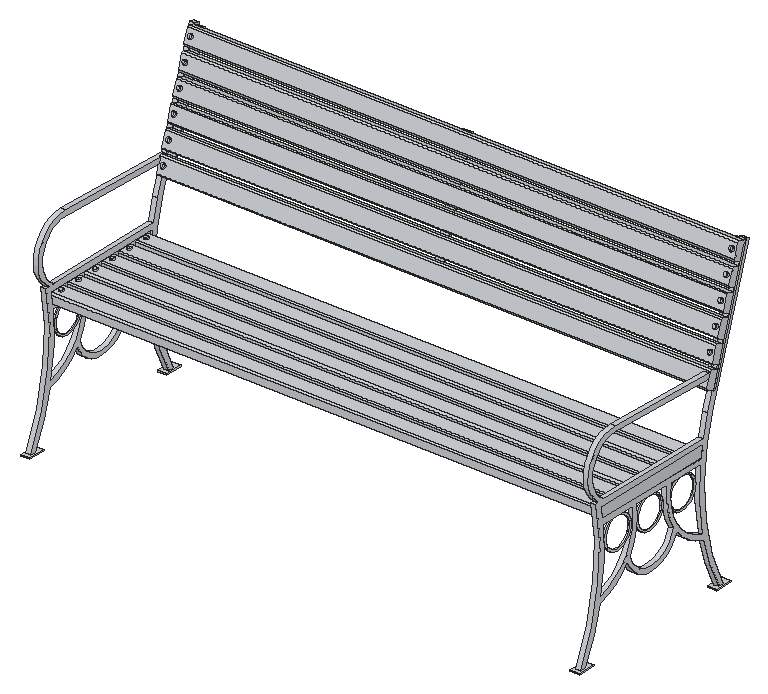
Revit family "Олимп_Скамейка", category Мебель, Revit 2017
Family settings
  Номер OmniClass = 23.40.20.00
  Заголовок OmniClass = General Furniture and Specialties
  На основе рабочей плоскости = Нет
  Всегда вертикально = Да
  При загрузке вырезать с полостями = Нет
  Общий = Нет
  Точка расчета площади = Нет
Parameters (values of type "Скамейка «Олимп» 1,8м")
  Стоимость = 9776
  С_Количество_опор_Видимость = no
  Перемычка = yes
  Изготовитель = "ООО \"Хоббика\""
  Длина доски на спинке = Длина доски  # 1786 mm
  Длина доски = ADSK_Размер_Длина - 14 mm  # 1786 mm
  URL = "https://hobbyka.ru/product/skameika_olimp/?sphrase_id=61907"
  ADSK_Размер_Ширина сидения = 420 mm
  ADSK_Размер_Ширина = 670 mm
  ADSK_Размер_Длина = 1800 mm
  ADSK_Размер_Высота сидения = 440 mm
  ADSK_Размер_Высота = 970 mm
  ADSK_Наименование = "Скамейка «Олимп» 1,8м"
  ADSK_Материал фурнитуры = none
  ADSK_Материал рекламного щита = none
  ADSK_Материал опоры = none
  ADSK_Материал доски = none
  ADSK_Код изделия = "7061"
Types (7, lengths in mm): name | Стоимость | С_Количество_опор_Видимость | Перемычка | Длина доски на спинке | Длина доски | ADSK_Размер_Длина | ADSK_Наименование
  (no name) | 9776 | no | yes | 1786 | 1786 | 1800 | "Скамейка «Олимп» 1,8м"
  Скамейка «Олимп» 1,2м | 7527 | no | yes | 1186 | 1186 | 1200 | "Скамейка «Олимп» 1,2м"
  Скамейка «Олимп» 1,5м | 8652 | no | yes | 1486 | 1486 | 1500 | "Скамейка «Олимп» 1,5м"
  Скамейка «Олимп» 1,8м | 9776 | no | yes | 1786 | 1786 | 1800 | "Скамейка «Олимп» 1,8м"
  Скамейка «Олимп» 2,0м | 14270 | yes | no | 1986 | 1986 | 2000 | "Скамейка «Олимп» 2,0м"
  Скамейка «Олимп» 3,0м | 15320 | yes | no | 2986 | 2986 | 3000 | "Скамейка «Олимп» 3,0м"
  Скамейка «Олимп» Кресло | 6405 | no | yes | 586 | 586 | 600 | "Скамейка «Олимп» Кресло"
Reference planes
  plane 1 "По центру (Вперед/Назад)": y = 0
  plane 2: z = 0
  plane 3 "По центру (Влево/Вправо)": x = 0
  plane 4: x = -900
  plane 5: x = 900
  plane 6: x = -884
  plane 7: x = 902
  plane 8: x = -893.016
  plane 9: x = 892.984
Forms (mm)
  Extrusion 1, solid, material <- "ADSK_Материал опоры"
    sketch origin (0, 0, 0) x (0, 1, 0) y (0, 0, -1)
      loop
        line (69.074, -963.838) -> (-59.108, -581.544) -> (-64.108, -581.544) -> (64.579, -965.345) -> (69.074, -963.838)
    from -902 to -872
  Extrusion 2, solid, material <- "ADSK_Материал опоры"
    sketch origin (0, 0, 0) x (0, 1, 0) y (0, 0, 1)
      loop
        line (68.169, 964.141) -> (63.675, 965.648) -> (-65.113, 581.544) -> (-60.113, 581.544) -> (68.169, 964.141)
    from -884 to -854
  Extrusion 3, solid, material <- "ADSK_Материал опоры", visible <- "Перемычка"
    sketch origin (719, 0, 0) x (0, 1, 0) y (0, 0, 1)
      loop
        line (68.169, 964.141) -> (63.675, 965.648) -> (-65.113, 581.544) -> (-60.113, 581.544) -> (68.169, 964.141)
    from -734 to -704
Dimensions and locks
  equal spacing: plane 4, plane 3 "По центру (Влево/Вправо)", plane 5
  "ADSK_Размер_Длина": plane 4 to plane 5
  locked: Extrusion 1 to Extrusion 1 at 30
  plane 5 to plane 7 = 2 mm
  locked: plane 4 to plane 6 at 16
  locked: Extrusion 2 to Extrusion 2 at 30
  "Длина доски": plane 8 to plane 9
  locked: plane 4 to plane 8 at 6.984
  plane 9 to plane 5 = 7.016 mm
  equal spacing: group 1, group 3, group 4, group 5, group 6, group 2  (x3)
  "Длина доски на спинке": plane 6 to plane 7
  locked: Extrusion 3 to Extrusion 3 at 30
  aligned and locked: level to plane 2
  aligned and locked: nested 1 to plane 4
  aligned and locked: nested 2 to plane 5
  aligned and locked: plane 7 to Extrusion 1
  aligned and locked: Extrusion 2 to plane 6
  aligned and locked: plane 8 to nested 4
  aligned and locked: plane 6 to nested 10
  aligned and locked: plane 6 to nested 11
  aligned and locked: plane 8 to nested 9
Automatic sketch dimensions
  plane 1 "По центру (Вперед/Назад)" to Extrusion 1 sketch curve = 64.108 mm
  Extrusion 1 sketch curve to Extrusion 1 sketch curve = 5 mm
  Extrusion 1 sketch curve to plane 1 "По центру (Вперед/Назад)" = 64.579 mm
  Extrusion 1 sketch curve to Extrusion 1 sketch curve = 4.495 mm
  level to Extrusion 1 sketch curve = 965.345 mm
  Extrusion 1 sketch curve to Extrusion 1 sketch curve = 1.507 mm
  Extrusion 1 sketch curve to Extrusion 1 sketch curve = 383.801 mm
  plane 1 "По центру (Вперед/Назад)" to Extrusion 2 sketch curve = 65.113 mm
  Extrusion 2 sketch curve to Extrusion 2 sketch curve = 5 mm
  Extrusion 2 sketch curve to plane 1 "По центру (Вперед/Назад)" = 63.675 mm
  Extrusion 2 sketch curve to Extrusion 2 sketch curve = 4.495 mm
  level to Extrusion 2 sketch curve = 581.544 mm
  Extrusion 2 sketch curve to Extrusion 2 sketch curve = 382.597 mm
  Extrusion 2 sketch curve to Extrusion 2 sketch curve = 1.507 mm
  plane 1 "По центру (Вперед/Назад)" to Extrusion 3 sketch curve = 65.113 mm
  Extrusion 3 sketch curve to Extrusion 3 sketch curve = 5 mm
  Extrusion 3 sketch curve to plane 1 "По центру (Вперед/Назад)" = 63.675 mm
  Extrusion 3 sketch curve to Extrusion 3 sketch curve = 4.495 mm
  level to Extrusion 3 sketch curve = 581.544 mm
  Extrusion 3 sketch curve to Extrusion 3 sketch curve = 382.597 mm
  Extrusion 3 sketch curve to Extrusion 3 sketch curve = 1.507 mm
Nested families
  nested 1: "Опора" at (-907, 0, 0), Материал опоры <- "ADSK_Материал опоры", type "Опора"
    with Материал опоры none
  nested 2: "Опора" at (907, 0, 0) x (-1, 0, 0) z (0, 0, 1), Материал опоры <- "ADSK_Материал опоры", type "Опора"
    with Материал опоры none
  nested 3: "Центральная опора" at (-15, 0, 0), visible <- "С_Количество_опор_Видимость", Материал опоры <- "ADSK_Материал опоры", type "Центральная опора"
    with Материал опоры none
  nested 4: "Doska" at (-893.016, -457.337, 405.341), Длина доски <- "Длина доски", Материал доски <- "ADSK_Материал доски", Материал фурнитуры <- "ADSK_Материал фурнитуры", type "Doska"
    with Материал фурнитуры none, Материал доски none, Длина доски 1786 mm
  nested 5: "Doska" at (-893.016, -388.337, 405.341), Длина доски <- "Длина доски", Материал доски <- "ADSK_Материал доски", Материал фурнитуры <- "ADSK_Материал фурнитуры", type "Doska"
    with Материал фурнитуры none, Материал доски none, Длина доски 1786 mm
  nested 6: "Doska" at (-893.016, -319.337, 405.341), Длина доски <- "Длина доски", Материал доски <- "ADSK_Материал доски", Материал фурнитуры <- "ADSK_Материал фурнитуры", type "Doska"
    with Материал фурнитуры none, Материал доски none, Длина доски 1786 mm
  nested 7: "Doska" at (-893.016, -250.337, 405.341), Длина доски <- "Длина доски", Материал доски <- "ADSK_Материал доски", Материал фурнитуры <- "ADSK_Материал фурнитуры", type "Doska"
    with Материал фурнитуры none, Материал доски none, Длина доски 1786 mm
  nested 8: "Doska" at (-893.016, -181.337, 405.341), Длина доски <- "Длина доски", Материал доски <- "ADSK_Материал доски", Материал фурнитуры <- "ADSK_Материал фурнитуры", type "Doska"
    with Материал фурнитуры none, Материал доски none, Длина доски 1786 mm
  nested 9: "Doska" at (-893.016, -112.337, 405.341), Длина доски <- "Длина доски", Материал доски <- "ADSK_Материал доски", Материал фурнитуры <- "ADSK_Материал фурнитуры", type "Doska"
    with Материал фурнитуры none, Материал доски none, Длина доски 1786 mm
  nested 10: "Doska" at (-884, -46.564, 636.868) x (1, 0, 0) z (0, -0.9481, 0.3179), Длина доски <- "Длина доски на спинке", type "Doska"
    with Материал фурнитуры none, Материал доски none, Длина доски 1786 mm
  nested 11: "Doska" at (-884, 63.307, 964.552) x (1, 0, 0) z (0, -0.9481, 0.3179), Длина доски <- "Длина доски на спинке", type "Doska"
    with Материал фурнитуры none, Материал доски none, Длина доски 1786 mm
  nested 12: "Doska" at (-884, -24.589, 702.405) x (1, 0, 0) z (0, -0.9481, 0.3179), Длина доски <- "Длина доски на спинке", type "Doska"
    with Материал фурнитуры none, Материал доски none, Длина доски 1786 mm
  nested 13: "Doska" at (-884, -2.615, 767.942) x (1, 0, 0) z (0, -0.9481, 0.3179), Длина доски <- "Длина доски на спинке", type "Doska"
    with Материал фурнитуры none, Материал доски none, Длина доски 1786 mm
  nested 14: "Doska" at (-884, 19.359, 833.479) x (1, 0, 0) z (0, -0.9481, 0.3179), Длина доски <- "Длина доски на спинке", type "Doska"
    with Материал фурнитуры none, Материал доски none, Длина доски 1786 mm
  nested 15: "Doska" at (-884, 41.333, 899.015) x (1, 0, 0) z (0, -0.9481, 0.3179), Длина доски <- "Длина доски на спинке", type "Doska"
    with Материал фурнитуры none, Материал доски none, Длина доски 1786 mm
Definition of nested family "Опора"
  Parameters (values of type "Опора")
    Материал опоры [instance] = none
  Reference planes
    plane 1 "По центру (Вперед/Назад)": y = 0
    plane 2: z = 0
    plane 3 "По центру (Влево/Вправо)": x = 0
    plane 4: x = 30
    plane 5 "Слева": x = 15
    plane 6: x = 23
    plane 7: x = 7
    plane 8: x = 17.229
    plane 9: x = 13
  Forms (mm)
    Extrusion 1, solid, material <- "Материал опоры"
      sketch origin (0, 0, 0) x (0, 1, 0) y (0, 0, 1)
        loop
          line (0, 3) -> (-57.2, 3) -> (-57.2, 0) -> (0, 0) -> (0, 3)
        loop
          line (-556.161, 3) -> (-613.361, 3) -> (-613.361, 0) -> (-556.161, 0) -> (-556.161, 3)
      from 0 to 30
    Extrusion 2, solid, material <- "Материал опоры"
      sketch origin (15, 0, 0) x (0, -1, 0) y (0, 0, 1)
        loop
          line (-79.749, 963.258) -> (65.214, 530.914)
          arc (65.214, 530.914) -> (78.58, 485.879) -> (88.762, 440.02) r 671.056
          arc (88.762, 440.02) -> (92.687, 216.037) -> (23.414, 3) r 678.039
          line (23.414, 3) -> (41.312, 3)
          arc (41.312, 3) -> (75.349, 82.122) -> (99.38, 164.835) r 697.919
          arc (99.38, 164.835) -> (161.63, 190.415) -> (211.437, 235.679) r 194.505
          arc (211.437, 235.679) -> (311.877, 166.624) -> (412.317, 235.679) r 107.573
          arc (412.317, 235.679) -> (461.942, 190.53) -> (523.953, 164.928) r 194.505
          arc (523.953, 164.928) -> (547.981, 82.151) -> (582.105, 3) r 692.534
          line (582.105, 3) -> (600.004, 3)
          arc (600.004, 3) -> (529.195, 225.772) -> (538.505, 459.341) r 675.902
          line (538.505, 459.341) -> (528.486, 459.341)
          arc (528.486, 459.341) -> (562.587, 581.668) -> (457.013, 652.243) r 108.266
          line (457.013, 652.243) -> (46.564, 636.868) -> (-64.579, 968.345) -> (-79.749, 963.258)
        loop
          arc (83.986, 525.256) -> (93.601, 492.564) -> (101.181, 459.341) r 552.248
          line (101.181, 459.341) -> (504.343, 459.341)
          arc (504.343, 459.341) -> (551.403, 566.616) -> (457.194, 636.238) r 93.862
          line (457.194, 636.238) -> (51.865, 621.056) -> (83.986, 525.256)
        loop
          line (110.77, 405.341) -> (512.984, 405.341)
          arc (512.984, 405.341) -> (515.725, 424.383) -> (518.993, 443.341) r 692.534
          line (518.993, 443.341) -> (104.071, 443.341)
          arc (104.071, 443.341) -> (107.793, 424.406) -> (110.77, 405.341) r 492.949
        loop
          line (511.097, 389.341) -> (389.909, 389.341)
          arc (389.909, 389.341) -> (414.012, 259.412) -> (520.517, 181.189) r 179.505
          arc (520.517, 181.189) -> (507.934, 284.909) -> (511.097, 389.341) r 692.534
        loop
          line (233.845, 389.341) -> (112.683, 389.341)
          arc (112.683, 389.341) -> (115.576, 284.841) -> (102.828, 181.082) r 697.919
          arc (102.828, 181.082) -> (209.63, 259.234) -> (233.845, 389.341) r 179.505
        loop
          arc (249.108, 389.341) -> (248.622, 317.701) -> (222.232, 251.097) r 194.505
          arc (222.232, 251.097) -> (311.877, 181.624) -> (401.522, 251.097) r 92.573
          arc (401.522, 251.097) -> (375.132, 317.701) -> (374.646, 389.341) r 194.505
          line (374.646, 389.341) -> (249.108, 389.341)
      from -8 to 8
    Extrusion 3, solid, material <- "Материал опоры"
      sketch origin (15, 0, 0) x (0, -1, 0) y (0, 0, 1)
        loop
          circle (313.32, 335.423) r 53.918
        loop
          circle (442.826, 335.423) r 53.918
        loop
          circle (180.928, 335.423) r 53.918
        loop
          circle (442.826, 335.423) r 48.918
        loop
          circle (313.32, 335.423) r 48.918
        loop
          circle (180.928, 335.423) r 48.918
      from -2.229 to 2
    Extrusion 4, solid, material <- "Материал опоры"
      sketch origin (15, 0, 0) x (0, -1, 0) y (0, 0, 1)
        loop
          arc (512.984, 405.341) -> (515.725, 424.383) -> (518.993, 443.341) r 692.534
          line (518.993, 443.341) -> (104.071, 443.341)
          arc (104.071, 443.341) -> (107.793, 424.406) -> (110.77, 405.341) r 492.949
          line (110.77, 405.341) -> (512.984, 405.341)
      from 1.016 to 5.745
  Dimensions and locks
    locked: plane 3 "По центру (Влево/Вправо)" to plane 4 at 30
    equal spacing: plane 7, plane 5 "Слева", plane 6
    Extrusion 4 to Extrusion 4 to plane 5 "Слева" = 4.728 mm, 1.016 mm locked
    aligned and locked: level to plane 2
    aligned and locked: Extrusion 1 to plane 3 "По центру (Влево/Вправо)"
    aligned and locked: plane 4 to Extrusion 1
    aligned and locked: Extrusion 2 to plane 6
    aligned and locked: plane 7 to Extrusion 2
    aligned and locked: plane 8 to Extrusion 3
    aligned and locked: Extrusion 3 to plane 9
  Automatic sketch dimensions
    Extrusion 1 sketch curve to level = 0 mm  (x2)
    Extrusion 1 sketch curve to plane 1 "По центру (Вперед/Назад)" = 0 mm
    plane 1 "По центру (Вперед/Назад)" to Extrusion 1 sketch curve = 57.2 mm
    level to Extrusion 1 sketch curve = 3 mm  (x2)
    Extrusion 1 sketch curve to Extrusion 1 sketch curve = 498.961 mm
    Extrusion 1 sketch curve to Extrusion 1 sketch curve = 57.2 mm
    Extrusion 2 sketch curve to Extrusion 2 sketch curve = 0 mm  (x23)
    level to Extrusion 2 sketch curve = 317.829 mm
    Extrusion 2 sketch curve to plane 1 "По центру (Вперед/Назад)" = 581.563 mm
    Extrusion 2 sketch curve to Extrusion 2 sketch curve = 3.667 mm
    Extrusion 2 sketch curve to Extrusion 2 sketch curve = 6.866 mm
    Extrusion 2 sketch curve to Extrusion 2 sketch curve = 130.264 mm
    Extrusion 2 sketch curve to Extrusion 2 sketch curve = 63.095 mm
    Extrusion 2 sketch curve to plane 1 "По центру (Вперед/Назад)" = 79.749 mm
    Extrusion 2 sketch curve to Extrusion 2 sketch curve = 15.17 mm
    level to Extrusion 2 sketch curve = 3 mm  (x2)
    plane 1 "По центру (Вперед/Назад)" to Extrusion 2 sketch curve = 23.414 mm
    Extrusion 2 sketch curve to Extrusion 2 sketch curve = 17.899 mm  (x2)
    plane 1 "По центру (Вперед/Назад)" to Extrusion 2 sketch curve = 46.564 mm
    Extrusion 2 sketch curve to Extrusion 2 sketch curve = 5.302 mm
    plane 1 "По центру (Вперед/Назад)" to Extrusion 2 sketch curve = 57.692 mm
    plane 1 "По центру (Вперед/Назад)" to Extrusion 2 sketch curve = 65.214 mm
    Extrusion 2 sketch curve to Extrusion 2 sketch curve = 18.772 mm
    Extrusion 2 sketch curve to Extrusion 2 sketch curve = 17.194 mm
    Extrusion 2 sketch curve to Extrusion 2 sketch curve = 2.891 mm
    Extrusion 2 sketch curve to Extrusion 2 sketch curve = 6.698 mm
    Extrusion 2 sketch curve to Extrusion 2 sketch curve = 1.913 mm
    Extrusion 2 sketch curve to Extrusion 2 sketch curve = 121.163 mm
    Extrusion 2 sketch curve to Extrusion 2 sketch curve = 15.263 mm  (x2)
    Extrusion 2 sketch curve to Extrusion 2 sketch curve = 62.769 mm
    Extrusion 2 sketch curve to Extrusion 2 sketch curve = 125.538 mm
    Extrusion 2 sketch curve to Extrusion 2 sketch curve = 67.104 mm
    Extrusion 2 sketch curve to Extrusion 2 sketch curve = 0.181 mm
    Extrusion 2 sketch curve to Extrusion 2 sketch curve = 3.513 mm
    Extrusion 2 sketch curve to Extrusion 2 sketch curve = 0.358 mm
    Extrusion 2 sketch curve to Extrusion 2 sketch curve = 43.636 mm
    Extrusion 2 sketch curve to Extrusion 2 sketch curve = 6.754 mm
    Extrusion 2 sketch curve to Extrusion 2 sketch curve = 1.887 mm
    Extrusion 2 sketch curve to Extrusion 2 sketch curve = 14.65 mm
    Extrusion 2 sketch curve to Extrusion 2 sketch curve = 9.493 mm
    Extrusion 2 sketch curve to Extrusion 2 sketch curve = 10.019 mm
    Extrusion 2 sketch curve to Extrusion 2 sketch curve = 54.966 mm
    Extrusion 2 sketch curve to Extrusion 2 sketch curve = 16.042 mm
    Extrusion 2 sketch curve to Extrusion 2 sketch curve = 632.98 mm
    Extrusion 2 sketch curve to Extrusion 2 sketch curve = 0.717 mm
    level to Extrusion 2 sketch curve = 274.197 mm
    level to Extrusion 2 sketch curve = 316.044 mm
    Extrusion 2 sketch curve to Extrusion 2 sketch curve = 0.175 mm
    Extrusion 2 sketch curve to Extrusion 2 sketch curve = 1.519 mm
    Extrusion 2 sketch curve to Extrusion 2 sketch curve = 1.274 mm
    Extrusion 2 sketch curve to Extrusion 2 sketch curve = 21.247 mm
    Extrusion 2 sketch curve to Extrusion 2 sketch curve = 14.34 mm
    Extrusion 2 sketch curve to Extrusion 2 sketch curve = 50.521 mm  (x2)
    Extrusion 2 sketch curve to Extrusion 2 sketch curve = 16 mm  (x3)
    Extrusion 2 sketch curve to Extrusion 2 sketch curve = 5.658 mm
    Extrusion 2 sketch curve to Extrusion 2 sketch curve = 83.102 mm
    Extrusion 2 sketch curve to Extrusion 2 sketch curve = 1.61 mm
    Extrusion 2 sketch curve to Extrusion 2 sketch curve = 90.142 mm
    Extrusion 2 sketch curve to Extrusion 2 sketch curve = 15.813 mm
    Extrusion 2 sketch curve to Extrusion 2 sketch curve = 326.39 mm
    Extrusion 2 sketch curve to Extrusion 2 sketch curve = 5.086 mm
    Extrusion 2 sketch curve to Extrusion 2 sketch curve = 3.448 mm
    Extrusion 2 sketch curve to Extrusion 2 sketch curve = 100.44 mm
    Extrusion 2 sketch curve to Extrusion 2 sketch curve = 10.796 mm  (x2)
    Extrusion 3 sketch curve to Extrusion 3 sketch curve = 0 mm  (x8)
    plane 1 "По центру (Вперед/Назад)" to Extrusion 3 sketch curve = 180.928 mm
    Extrusion 3 sketch curve to Extrusion 3 sketch curve = 132.392 mm
    Extrusion 3 sketch curve to Extrusion 3 sketch curve = 129.506 mm
    level to Extrusion 3 sketch curve = 335.423 mm
    plane 1 "По центру (Вперед/Назад)" to Extrusion 4 sketch curve = 512.984 mm
    Extrusion 4 sketch curve to Extrusion 4 sketch curve = 6.009 mm
    level to Extrusion 4 sketch curve = 316.219 mm
    Extrusion 4 sketch curve to Extrusion 4 sketch curve = 686.776 mm
    level to Extrusion 4 sketch curve = 405.341 mm
    plane 1 "По центру (Вперед/Назад)" to Extrusion 4 sketch curve = 110.77 mm
    Extrusion 4 sketch curve to Extrusion 4 sketch curve = 6.698 mm
    level to Extrusion 4 sketch curve = 338.831 mm
    radius of Extrusion 3 sketch curve = 53.918 mm  (x3)
    radius of Extrusion 3 sketch curve = 48.918 mm  (x3)
Definition of nested family "Центральная опора"
  Parameters (values of type "Центральная опора")
    Материал опоры [instance] = none
  Reference planes
    plane 1 "По центру (Вперед/Назад)": y = 0
    plane 2: z = 0
    plane 3 "По центру (Влево/Вправо)": x = 0
    plane 4: x = 30
    plane 5 "Слева": x = 15
    plane 6: x = 23
    plane 7: x = 7
    plane 8: x = 17.229
    plane 9: x = 13
  Forms (mm)
    Extrusion 1, solid, material <- "Материал опоры"
      sketch origin (0, 0, 0) x (0, 1, 0) y (0, 0, 1)
        loop
          line (0, 3) -> (-57.2, 3) -> (-57.2, 0) -> (0, 0) -> (0, 3)
        loop
          line (-556.161, 3) -> (-613.361, 3) -> (-613.361, 0) -> (-556.161, 0) -> (-556.161, 3)
      from 0 to 30
    Extrusion 2, solid, material <- "Материал опоры"
      sketch origin (15, 0, 0) x (0, -1, 0) y (0, 0, 1)
        loop
          line (-79.749, 963.258) -> (65.214, 530.914)
          arc (65.214, 530.914) -> (78.58, 485.879) -> (88.762, 440.02) r 671.056
          arc (88.762, 440.02) -> (92.687, 216.037) -> (23.414, 3) r 678.039
          line (23.414, 3) -> (41.312, 3)
          arc (41.312, 3) -> (75.349, 82.122) -> (99.38, 164.835) r 697.919
          arc (99.38, 164.835) -> (161.63, 190.415) -> (211.437, 235.679) r 194.505
          arc (211.437, 235.679) -> (311.877, 166.624) -> (412.317, 235.679) r 107.573
          arc (412.317, 235.679) -> (461.942, 190.53) -> (523.953, 164.928) r 194.505
          arc (523.953, 164.928) -> (547.981, 82.151) -> (582.105, 3) r 692.534
          line (582.105, 3) -> (600.004, 3)
          arc (600.004, 3) -> (533.407, 198.682) -> (529.065, 405.341) r 675.902
          line (529.065, 405.341) -> (110.77, 405.341)
          arc (110.77, 405.341) -> (107.793, 424.406) -> (104.071, 443.341) r 492.949
          arc (104.071, 443.341) -> (95.595, 484.683) -> (83.986, 525.256) r 552.248
          line (83.986, 525.256) -> (58.971, 599.863) -> (-64.579, 968.345) -> (-79.749, 963.258)
        loop
          line (511.097, 389.341) -> (389.909, 389.341)
          arc (389.909, 389.341) -> (414.012, 259.412) -> (520.517, 181.189) r 179.505
          arc (520.517, 181.189) -> (507.934, 284.909) -> (511.097, 389.341) r 692.534
        loop
          line (233.845, 389.341) -> (112.683, 389.341)
          arc (112.683, 389.341) -> (115.576, 284.841) -> (102.828, 181.082) r 697.919
          arc (102.828, 181.082) -> (209.63, 259.234) -> (233.845, 389.341) r 179.505
        loop
          arc (249.108, 389.341) -> (248.622, 317.701) -> (222.232, 251.097) r 194.505
          arc (222.232, 251.097) -> (311.877, 181.624) -> (401.522, 251.097) r 92.573
          arc (401.522, 251.097) -> (375.132, 317.701) -> (374.646, 389.341) r 194.505
          line (374.646, 389.341) -> (249.108, 389.341)
      from -8 to 8
    Extrusion 3, solid, material <- "Материал опоры"
      sketch origin (15, 0, 0) x (0, -1, 0) y (0, 0, 1)
        loop
          circle (313.32, 335.423) r 53.918
        loop
          circle (442.826, 335.423) r 53.918
        loop
          circle (180.928, 335.423) r 53.918
        loop
          circle (442.826, 335.423) r 48.918
        loop
          circle (313.32, 335.423) r 48.918
        loop
          circle (180.928, 335.423) r 48.918
      from -2.229 to 2
  Dimensions and locks
    locked: plane 3 "По центру (Влево/Вправо)" to plane 4 at 30
    equal spacing: plane 7, plane 5 "Слева", plane 6
    aligned and locked: level to plane 2
    aligned and locked: Extrusion 1 to plane 3 "По центру (Влево/Вправо)"
    aligned and locked: plane 4 to Extrusion 1
    aligned and locked: Extrusion 2 to plane 6
    aligned and locked: plane 7 to Extrusion 2
    aligned and locked: plane 8 to Extrusion 3
    aligned and locked: Extrusion 3 to plane 9
  Automatic sketch dimensions
    Extrusion 1 sketch curve to level = 0 mm  (x2)
    Extrusion 1 sketch curve to plane 1 "По центру (Вперед/Назад)" = 0 mm
    plane 1 "По центру (Вперед/Назад)" to Extrusion 1 sketch curve = 57.2 mm
    level to Extrusion 1 sketch curve = 3 mm  (x2)
    Extrusion 1 sketch curve to Extrusion 1 sketch curve = 498.961 mm
    Extrusion 1 sketch curve to Extrusion 1 sketch curve = 57.2 mm
    Extrusion 2 sketch curve to Extrusion 2 sketch curve = 0 mm  (x18)
    level to Extrusion 2 sketch curve = 317.829 mm
    Extrusion 2 sketch curve to Extrusion 2 sketch curve = 3.667 mm
    Extrusion 2 sketch curve to Extrusion 2 sketch curve = 6.866 mm
    Extrusion 2 sketch curve to Extrusion 2 sketch curve = 130.264 mm
    Extrusion 2 sketch curve to Extrusion 2 sketch curve = 63.095 mm
    Extrusion 2 sketch curve to plane 1 "По центру (Вперед/Назад)" = 79.749 mm
    Extrusion 2 sketch curve to Extrusion 2 sketch curve = 15.17 mm
    level to Extrusion 2 sketch curve = 3 mm  (x2)
    plane 1 "По центру (Вперед/Назад)" to Extrusion 2 sketch curve = 23.414 mm
    Extrusion 2 sketch curve to Extrusion 2 sketch curve = 17.899 mm  (x2)
    plane 1 "По центру (Вперед/Назад)" to Extrusion 2 sketch curve = 57.692 mm
    plane 1 "По центру (Вперед/Назад)" to Extrusion 2 sketch curve = 65.214 mm
    Extrusion 2 sketch curve to Extrusion 2 sketch curve = 18.772 mm
    Extrusion 2 sketch curve to Extrusion 2 sketch curve = 6.698 mm
    Extrusion 2 sketch curve to Extrusion 2 sketch curve = 1.913 mm
    Extrusion 2 sketch curve to Extrusion 2 sketch curve = 121.163 mm
    Extrusion 2 sketch curve to Extrusion 2 sketch curve = 15.263 mm  (x2)
    Extrusion 2 sketch curve to Extrusion 2 sketch curve = 62.769 mm
    Extrusion 2 sketch curve to Extrusion 2 sketch curve = 125.538 mm
    Extrusion 2 sketch curve to Extrusion 2 sketch curve = 17.968 mm
    Extrusion 2 sketch curve to Extrusion 2 sketch curve = 54.966 mm
    Extrusion 2 sketch curve to Extrusion 2 sketch curve = 16.042 mm
    Extrusion 2 sketch curve to Extrusion 2 sketch curve = 0.717 mm
    level to Extrusion 2 sketch curve = 274.197 mm
    level to Extrusion 2 sketch curve = 316.044 mm
    Extrusion 2 sketch curve to Extrusion 2 sketch curve = 0.175 mm
    Extrusion 2 sketch curve to Extrusion 2 sketch curve = 1.519 mm
    Extrusion 2 sketch curve to Extrusion 2 sketch curve = 1.274 mm
    Extrusion 2 sketch curve to Extrusion 2 sketch curve = 21.247 mm
    Extrusion 2 sketch curve to Extrusion 2 sketch curve = 14.34 mm
    Extrusion 2 sketch curve to Extrusion 2 sketch curve = 50.521 mm  (x2)
    Extrusion 2 sketch curve to Extrusion 2 sketch curve = 16 mm  (x2)
    Extrusion 2 sketch curve to Extrusion 2 sketch curve = 5.658 mm
    Extrusion 2 sketch curve to Extrusion 2 sketch curve = 68.949 mm
    Extrusion 2 sketch curve to Extrusion 2 sketch curve = 5.086 mm
    Extrusion 2 sketch curve to Extrusion 2 sketch curve = 3.448 mm
    Extrusion 2 sketch curve to Extrusion 2 sketch curve = 100.44 mm
    Extrusion 2 sketch curve to Extrusion 2 sketch curve = 10.796 mm  (x2)
    Extrusion 3 sketch curve to Extrusion 3 sketch curve = 0 mm  (x8)
    plane 1 "По центру (Вперед/Назад)" to Extrusion 3 sketch curve = 180.928 mm
    Extrusion 3 sketch curve to Extrusion 3 sketch curve = 132.392 mm
    Extrusion 3 sketch curve to Extrusion 3 sketch curve = 129.506 mm
    level to Extrusion 3 sketch curve = 335.423 mm
    Extrusion 2 sketch curve to Extrusion 2 sketch curve = 121.188 mm
    plane 1 "По центру (Вперед/Назад)" to Extrusion 2 sketch curve = 58.971 mm
    Extrusion 2 sketch curve to Extrusion 2 sketch curve = 363.395 mm
    Extrusion 2 sketch curve to Extrusion 2 sketch curve = 22.008 mm
    Extrusion 2 sketch curve to Extrusion 2 sketch curve = 85.2 mm
    Extrusion 2 sketch curve to Extrusion 2 sketch curve = 81.916 mm
    radius of Extrusion 3 sketch curve = 53.918 mm  (x3)
    radius of Extrusion 3 sketch curve = 48.918 mm  (x3)
Definition of nested family "Doska"
  Parameters (values of type "Doska")
    Default Elevation = 1219.2 mm
    Материал фурнитуры [instance] = none
    Материал доски [instance] = none
    Длина доски [instance] = 1500 mm
  Reference planes
    plane 1 "По центру (Вперед/Назад)": y = 0
    plane 2: z = 0
    plane 3 "По центру (Влево/Вправо)": x = 0
    plane 4 "1": x = 15
    plane 5: x = 1485
    plane 6: x = 1500
  Forms (mm)
    Extrusion 1, solid
      sketch origin (0, 0, 0) x (1, 0, 0) y (0, 1, 0)
        loop
          line (-1219.2, 1219.2) -> (-1219.2, -1219.2) -> (1219.2, -1219.2) -> (1219.2, 1219.2) -> (-1219.2, 1219.2)
      from 0 to -304.8
    Extrusion 2, solid, material <- "Материал доски"
      sketch origin (0, 0, 0) x (0, 1, 0) y (0, 0, 1)
        loop
          line (0, 23.25) -> (-4.65, 27.9) -> (-51.15, 27.9) -> (-55.8, 23.25) -> (-55.8, 0) -> (0, 0) -> (0, 23.25)
      from 0 to 1500
    Revolve 3, solid, material <- "Материал фурнитуры"
      sketch origin (15, 0, 0) x (0, 1, 0) y (0, 0, 1)
        loop
          line (-25.6, 29.76) -> (-32.6, 29.76) -> (-32.6, 27.9) -> (-25.6, 27.9) -> (-25.6, 29.76)
        axis (-25.6, 29.76) -> (-25.6, 27.9)
      angle from 0 to 360
    Revolve 4, solid, material <- "Материал фурнитуры"
      sketch origin (1485, 0, 0) x (0, 1, 0) y (0, 0, 1)
        loop
          line (-25.6, 29.76) -> (-32.6, 29.76) -> (-32.6, 27.9) -> (-25.6, 27.9) -> (-25.6, 29.76)
        axis (-25.6, 29.76) -> (-25.6, 27.9)
      angle from 0 to 360
  Dimensions and locks
    "Длина доски": plane 3 "По центру (Влево/Вправо)" to plane 6
    locked: plane 3 "По центру (Влево/Вправо)" to plane 4 "1" at 15
    locked: plane 5 to plane 6 at 15
    aligned and locked: plane 2 to Extrusion 1
    aligned and locked: level to Extrusion 1
    aligned and locked: Extrusion 2 sketch curve to Extrusion 1
    aligned and locked: plane 6 to Extrusion 2
    aligned and locked: plane 5 to Revolve 4
  Automatic sketch dimensions
    Extrusion 1 sketch curve to Extrusion 1 sketch curve = 2438.4 mm  (x2)
    Extrusion 2 sketch curve to plane 1 "По центру (Вперед/Назад)" = 0 mm
    plane 1 "По центру (Вперед/Назад)" to Extrusion 2 sketch curve = 4.65 mm
    Extrusion 2 sketch curve to Extrusion 2 sketch curve = 46.5 mm
    Extrusion 2 sketch curve to Extrusion 2 sketch curve = 4.65 mm  (x2)
    Extrusion 2 sketch curve to Extrusion 2 sketch curve = 23.25 mm  (x2)
    plane 1 "По центру (Вперед/Назад)" to Revolve 3 sketch curve = 32.6 mm
    Revolve 3 sketch curve to Revolve 3 sketch curve = 7 mm
    level to Revolve 3 sketch curve = 27.9 mm
    Revolve 3 sketch curve to Revolve 3 sketch curve = 1.86 mm
    Revolve 3 sketch curve to Revolve 3 sketch curve = 0 mm
    Revolve 3 sketch curve to Revolve 3 sketch curve = 5.113 mm
    Revolve 3 sketch curve to Revolve 3 sketch curve = 3.027 mm
    plane 1 "По центру (Вперед/Назад)" to Revolve 4 sketch curve = 32.6 mm
    Revolve 4 sketch curve to Revolve 4 sketch curve = 7 mm
    level to Revolve 4 sketch curve = 27.9 mm
    Revolve 4 sketch curve to Revolve 4 sketch curve = 1.86 mm
    Revolve 4 sketch curve to Revolve 4 sketch curve = 0 mm
    Revolve 4 sketch curve to Revolve 4 sketch curve = 5.113 mm
    Revolve 4 sketch curve to Revolve 4 sketch curve = 3.027 mm
